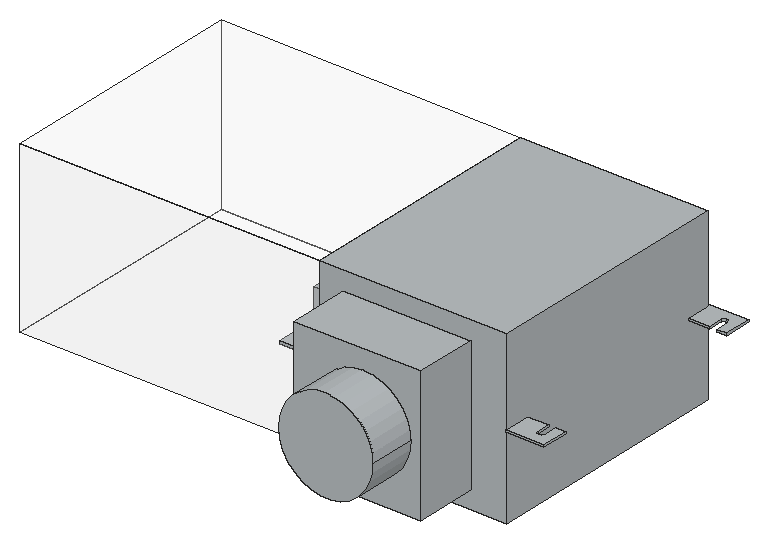
Revit family "bfs-40_210ssua2_stua2_60Hz", category 機械設備, Revit 2019
Family settings
  丸型コネクタ寸法 = 直径を使用
  パーツ タイプ = 割り込み
  OmniClass 番号 = 23.75.35.17.27
  OmniClass タイトル = Centrifugal Fans
  作業面ベース = いいえ
  常に垂直 = はい
  ロード時にボイドで切り取り = いいえ
  共有 = いいえ
  部屋計算ポイント = はい
Parameters (values of type "BFS-40SSUA2")
  騒音レベル(dB(A))_吸込 = 42
  騒音レベル(dB(A))_吐出 = 39
  騒音レベル(dB(A))_側面 = 20.5
  騒音レベル(dB(A)) = 42
  風量 [instance] = 設計風量  # 0.0 m³/h
  電源種別 [instance] = "一般"
  電圧 = 100 V
  電動機出力 = 35 W
  電動機_種別 [instance] = ""
  運転質量 = 0.00 kg
  連動 [instance] = ""
  質量 = if(製品質量 > 運転質量, 製品質量, 運転質量) * 1.2  # 12.60 kg
  負荷分類 = 3_ファン類
  説明 = "ストレートシロッコファン給気タイプ消音形"
  設計風量 [instance] = 0.0 m³/h
  設置方法 = "天吊"
  記号 [instance] = ""
  製造元 = "三菱電機株式会社"
  製品質量 = 10.50 kg
  製品出荷対象 = "国内"
  製品リリース年月 = "2022年6月1日"
  製品グループ = ""
  系統 [instance] = ""
  符号 [instance] = if(☑給気／□排気, "FS", "FE")  # "FS"
  積算_科目 = "2 換気設備"
  積算_拾い区分 [instance] = ""
  相 = 1
  盤記号 [instance] = ""
  盤工事区分 = "電気工事"
  発停方法 [instance] = "別売スイッチ"
  番手 = "#1 1/4"
  特殊仕様 [instance] = ""
  火災停止 = ""
  消費電力 = 85 W
  法定耐用年数 = "15"
  機外静圧 [instance] = 0.0 Pa
  極数 = 2
  極 = 4
  材質 [instance] = ""
  本体マテリアル = 溶融亜鉛めっき鋼板
  操作・制御方式 = ""
  操作・制御スイッチ = ""
  排気量 [instance] = if(☑給気／□排気, 0.0 m³/h, 設計風量)  # 0.0 m³/h
  形式 = ""
  形名 = BFS-SSUA : BFS-40SSUA
  幹線記号 [instance] = ""
  対象室 [instance] = ""
  実風量 = 0.0 m³/h
  始動方式 [instance] = "直入"
  外気量 [instance] = if(☑給気／□排気, 設計風量, 0.0 m³/h)  # 0.0 m³/h
  呼称 = "消音ボックス付送風機"
  周波数 = 60 Hz
  天吊金具ピッチ幅 = 358 mm
  天吊金具ピッチ奥行 = 343 mm
  参照している仕様書等のバージョン = "公共建築工事標準仕様書（機械設備工事編）平成31年度版"
  分類コード = "50052502100020"
  分類グループ = ""
  価格 = 120000
  企業コード = "108420"
  付属品_防振装置 = ""
  付属品 [instance] = ""
  仕様書バージョン = "Version1.0"
  モデル = "BFS-40SSUA2"
  ファンの種類 = "多翼形"
  ダクト径 = 150 mm
  サービススペース = yes
  コメント [instance] = ""
  Keynote = ""
  ☑給気／□排気 [instance] = yes
  Width = 282 mm
  Version = ""
  Uniclass2015Version = "Systems v1.9"
  Uniclass2015Title = "Centrifugal fans"
  Uniclass2015Code = "Pr_65_67_29_12"
  URL = "https://www.mitsubishielectric.co.jp/ldg/wink/ssl/displayProduct.do?pid=319104"
  SpecificationReference = ""
  SpecificationDescription = ""
  Revision = ""
  ProductInformation = ""
  OmniClassCode = "23-33 31 19 13 15"
  MIN風量 = 204.0 m³/h
  MIN静圧 = 41.0 Pa
  MID風量 = 0.0 m³/h
  MID静圧 = 0.0 Pa
  MAX風量 = 400.0 m³/h
  MAX静圧 = 97.0 Pa
  M = 70 mm
  IfcTypeProduct = ""
  IfcProduct = ""
  IfcExportType = "CENTRIFUGALFORWARDCURVED"
  IfcExportAs = "IfcFanType"
  Height = 255 mm
  Depth = 378 mm
  Clearance Top = 0 mm  # constant formula
  Clearance Right = 0 mm  # constant formula
  Clearance Left = 450 mm  # constant formula
  Clearance Front = 0 mm  # constant formula
  Clearance Bottom = 0 mm  # constant formula
  Clearance Back = 0 mm  # constant formula
  Author = "三菱電機株式会社"
Types (7, lengths in mm): name | 騒音レベル(dB(A))_吸込 | 騒音レベル(dB(A))_吐出 | 騒音レベル(dB(A))_側面 | 騒音レベル(dB(A)) | 電圧 | 電動機出力 | 質量 | 製品質量 | 符号 | 相 | 番手 | 消費電力 | 極数 | 形名 | 天吊金具ピッチ幅 | 天吊金具ピッチ奥行 | 価格 | モデル | ダクト径 | ☑給気／□排気 | Width | URL | MIN風量 | MIN静圧 | MAX風量 | MAX静圧 | M | Height | Depth
  BFS-40SSUA2 | 42 | 39 | 20.5 | 42 | 100 V | 35 W | 12.60 kg | 10.50 kg | "FS" | 1 | "#1 1/4" | 85 W | 2 | BFS-SSUA : BFS-40SSUA | 358 | 343 | 120000 | "BFS-40SSUA2" | 150 | yes | 282 | "https://www.mitsubishielectric.co.jp/ldg/wink/ssl/displayProduct.do?pid=319104" | 204.0 m³/h | 41.0 Pa | 400.0 m³/h | 97.0 Pa | 70 | 255 | 378
  BFS-50SSUA2 | 45.5 | 41 | 23.5 | 45.5 | 100 V | 45 W | 15.00 kg | 12.50 kg | "FE" | 1 | "#1 1/4" | 100 W | 2 | BFS-SSUA : BFS-50SSUA | 401 | 388 | 169000 | "BFS-50SSUA2" | 200 | no | 325 | "https://www.mitsubishielectric.co.jp/ldg/wink/ssl/displayProduct.do?pid=319111" | 395.0 m³/h | 120.0 Pa | 500.0 m³/h | 190.0 Pa | 85 | 255 | 423
  BFS-80SSUA2 | 51 | 44.5 | 28 | 51 | 100 V | 110 W | 19.20 kg | 16.00 kg | "FE" | 1 | "#1 1/4" | 210 W | 2 | BFS-SSUA : BFS-80SSUA | 449 | 428 | 189000 | "BFS-80SSUA2" | 200 | no | 373 | "https://www.mitsubishielectric.co.jp/ldg/wink/ssl/displayProduct.do?pid=318461" | 650.0 m³/h | 109.0 Pa | 800.0 m³/h | 165.0 Pa | 85 | 305 | 463
  BFS-100SSUA2 | 53 | 51 | 32 | 53 | 100 V | 200 W | 21.60 kg | 18.00 kg | "FE" | 1 | "#1 1/2" | 280 W | 2 | BFS-SSUA : BFS-100SSUA | 469 | 453 | 211000 | "BFS-100SSUA2" | 200 | no | 393 | "https://www.mitsubishielectric.co.jp/ldg/wink/ssl/displayProduct.do?pid=318847" | 880.0 m³/h | 215.0 Pa | 1000.0 m³/h | 260.0 Pa | 85 | 305 | 488
  BFS-150SSUA2 | 60.5 | 56 | 35 | 60.5 | 100 V | 300 W | 28.20 kg | 23.50 kg | "FE" | 1 | "#1 1/2" | 515 W | 2 | BFS-SSUA : BFS-150SSUA | 467 | 555 | 243000 | "BFS-150SSUA2" | 250 | no | 391 | "https://www.mitsubishielectric.co.jp/ldg/wink/ssl/displayProduct.do?pid=318960" | 1275.0 m³/h | 230.0 Pa | 1500.0 m³/h | 320.0 Pa | 85 | 350 | 590
  BFS-150STUA2 | 57.5 | 56 | 35 | 57.5 | 200 V | 350 W | 28.20 kg | 23.50 kg | "FE" | 3 | "#1 1/2" | 440 W | 3 | BFS-STUA : BFS-150STUA | 467 | 555 | 243000 | "BFS-150STUA2" | 250 | no | 391 | "https://www.mitsubishielectric.co.jp/ldg/wink/ssl/displayProduct.do?pid=318961" | 1110.0 m³/h | 175.0 Pa | 1500.0 m³/h | 320.0 Pa | 85 | 350 | 590
  BFS-210STUA2 | 64.5 | 59.5 | 38 | 64.5 | 200 V | 490 W | 31.80 kg | 26.50 kg | "FE" | 3 | "#1 1/2" | 700 W | 3 | BFS-STUA : BFS-210STUA | 552 | 610 | 373000 | "BFS-210STUA2" | 300 | no | 476 | "https://www.mitsubishielectric.co.jp/ldg/wink/ssl/displayProduct.do?pid=319035" | 0.0 m³/h | 0.0 Pa | 2100.0 m³/h | 325.0 Pa | 100 | 350 | 645
Reference planes
  plane 1 "中心(正面/背面)": y = 0
  plane 2: z = 0
  plane 3 "中心(左/右)": x = 0
  plane 4 "左": x = -141
  plane 5 "右": x = 141
  plane 6 "背面": y = 189
  plane 7 "正面": y = -189
  plane 8: z = 127.5
  plane 9: y = 171.5
  plane 10: y = -171.5
  plane 11: x = 179
  plane 12: x = -179
  plane 13: z = -127.5
  plane 14: y = 189
  plane 15: y = -189
  plane 16: x = 141
  plane 17: x = -591
  plane 18: z = 127.5
  plane 19: z = -127.5
Lines and regions (mm)
  Masking region 1, detail levels coarse+medium
    outline origin (-333.416, -613.734, 0) x (1, 0, 0) y (0, 1, 0)
      loop
        line (192.416, 424.734) -> (474.416, 424.734) -> (474.416, 802.734) -> (192.416, 802.734) -> (192.416, 424.734)
  symbolic lines, detail levels coarse+medium
    curve 1: line (-141, 189, 0) -> (141, 0, 0)
    curve 2: line (141, 0, 0) -> (-141, -189, 0)
Dimensions and locks
  "Width": plane 4 "左" to plane 5 "右"
  equal spacing: plane 7 "正面", plane 1 "中心(正面/背面)", plane 6 "背面"
  "Depth": plane 7 "正面" to plane 6 "背面"
  equal spacing: plane 8, level, plane 13
  "Height": plane 8 to plane 13
  "天吊金具ピッチ幅": plane 12 to plane 11
  equal spacing: plane 10, plane 1 "中心(正面/背面)", plane 9
  "天吊金具ピッチ奥行": plane 10 to plane 9
  "Clearance Back": plane 6 "背面" to plane 14
  "Clearance Front": plane 15 to plane 7 "正面"
  "Clearance Left": plane 17 to plane 4 "左"
  "Clearance Right": plane 5 "右" to plane 16
  "Clearance Top": plane 18 to plane 8
  "Clearance Bottom": plane 13 to plane 19
  equal spacing: plane 12, plane 3 "中心(左/右)", plane 11
  equal spacing: plane 4 "左", plane 3 "中心(左/右)", plane 5 "右"
  aligned and locked: level to plane 2
  aligned and locked: nested 2 to plane 9
  aligned and locked: plane 10 to nested 2
  aligned and locked: plane 12 to nested 2
  aligned and locked: plane 11 to nested 2
  aligned and locked: plane 8 to nested 1
  aligned and locked: nested 1 to plane 13
  aligned and locked: plane 17 to nested 3
  aligned and locked: plane 15 to nested 3
  aligned and locked: plane 18 to nested 3
  aligned and locked: plane 19 to nested 3
  aligned and locked: plane 14 to nested 3
  aligned and locked: plane 4 "左" to nested 3
  aligned and locked: plane 1 "中心(正面/背面)" to nested 1
  aligned and locked: nested 1 to plane 3 "中心(左/右)"
  aligned and locked: plane 5 "右" to Masking region 1
  aligned and locked: Masking region 1 to plane 4 "左"
  aligned and locked: Masking region 1 to plane 6 "背面"
  aligned and locked: plane 7 "正面" to Masking region 1
Automatic sketch dimensions
  Masking region 1 sketch curve to plane 9 = 17.5 mm
  plane 12 to Masking region 1 sketch curve = 38 mm
  plane 3 "中心(左/右)" to Masking region 1 sketch curve = 141 mm
  plane 7 "正面" to Masking region 1 sketch curve = 0 mm
  curve 2 to plane 4 "左" = 0 mm
  curve 1 to plane 4 "左" = 0 mm
  plane 1 "中心(正面/背面)" to curve 1 = 0 mm
  curve 1 to plane 5 "右" = 0 mm
  plane 7 "正面" to curve 2 = 0 mm
  plane 6 "背面" to curve 1 = 0 mm
Nested families
  nested 1: "BFS-SSUA" at (0, 0, -127.5) x (0, -1, 0) z (0, 0, 1), type <- "形名", type "BFS-40SSUA"
  nested 2: "固定点" at (-179, -171.5, 0), type "固定点"
    with W 358 mm, D 343 mm
  nested 3: "サービススペース" at (-366, 0, 0), visible <- "サービススペース", type "サービススペース"
    with Width 450 mm, Height 255 mm, Depth 378 mm
Connectors
  hvac at (0, -353, 0), driven by "ダクト径", driven by "機外静圧", driven by "風量"
    settings: on nested 1, index 2, duct flow 0.0 m³/h, flow factor 0, pres drop 0.0 Pa, loss coef 0, conn angle 0.00°, conn width 304.8 mm, conn height 304.8 mm, conn diameter 150 mm, duct sys type 29, conn prof type 0, flow config 0, flow direction 2, loss method 4, conn ref index -1, conn util no, is conn primary yes, conn desc "Out"
  hvac at (0, 259, 0), driven by "ダクト径", driven by "機外静圧", driven by "風量"
    settings: on nested 1, index 3, duct flow 0.0 m³/h, flow factor 0, pres drop 0.0 Pa, loss coef 0, conn angle 0.00°, conn width 304.8 mm, conn height 304.8 mm, conn diameter 150 mm, duct sys type 29, conn prof type 0, flow config 0, flow direction 1, loss method 4, conn ref index -1, conn util no, is conn primary no, conn desc "In"
  electrical at (-204, -76, -29.5), driven by "極数", driven by "負荷分類", driven by "電圧", driven by "消費電力"
    settings: on nested 1, index 4, voltage 100 V, apparent load 85 VA, apparent load phase1 0 VA, apparent load phase2 0 VA, apparent load phase3 0 VA, power factor 1, load classification "3_ファン類", number of poles 2, system type 30, power factor state 1, is connector primary yes, connector utility no, sub classification motor no, connector description ""
Definition of nested family "BFS-SSUA"
  Parameters (values of type "BFS-40SSUA")
    端子カバー高 = 140 mm  # constant formula
    端子カバー手前位置 = 68 mm
    端子カバー幅 = 63 mm
    端子カバー奥行 = 90 mm  # constant formula
    端子カバー上位置 = 87 mm
    吊りボルトW = 343 mm
    吊りボルトD = 358 mm
    マテリアル = none
    ダクトW = 191 mm
    ダクトH = 201 mm
    カバーD = 63 mm
    φ = 142 mm
    Φ = 160 mm
    kb_z = 25 mm
    h1 = 28 mm
    b = 281 mm
    a = 70 mm
    W2 = 41 mm
    A = 472 mm
    W = 378 mm
    H = 255 mm
    c = 51 mm
    d1 = 55 mm
    D1 = 398 mm
    D = 282 mm
  Types (5, lengths in mm): name | 端子カバー手前位置 | 端子カバー幅 | 端子カバー上位置 | 吊りボルトW | 吊りボルトD | ダクトW | ダクトH | カバーD | φ | Φ | kb_z | h1 | b | a | A | W | H | c | d1 | D1 | D
    BFS-40SSUA | 68 | 63 | 87 | 343 | 358 | 191 | 201 | 63 | 142 | 160 | 25 | 28 | 281 | 70 | 472 | 378 | 255 | 51 | 55 | 398 | 282
    BFS-50SSUA | 68 | 63 | 87 | 388 | 401 | 218 | 252 | 63 | 192 | 208 | 25 | 3.5 | 264 | 85 | 528 | 423 | 255 | 51 | 54 | 441 | 325
    BFS-80SSUA | 69 | 63 | 117 | 428 | 449 | 299 | 273 | 63 | 192 | 208 | 25 | 31 | 331 | 85 | 604 | 463 | 305 | 52 | 37 | 489 | 373
    BFS-100SSUA | 69 | 63 | 117 | 453 | 469 | 272 | 256 | 63 | 192 | 208 | 25 | 25 | 331 | 85 | 609 | 488 | 305 | 52 | 61 | 509 | 393
    BFS-150SSUA | 87 | 71 | 25 | 555 | 467 | 299 | 314 | 71 | 242 | 258 | 150 | 30 | 391 | 85 | 741 | 590 | 350 | 70 | 39 | 507 | 391
  Reference planes
    plane 1 "中心(正面/背面)": y = 0
    plane 2: z = 0
    plane 3 "中心(左/右)": x = 0
    plane 4: y = 141
    plane 5: y = 179
    plane 6: y = 199
    plane 7: y = -141
    plane 8: y = -179
    plane 9: y = -199
    plane 10: x = -189
    plane 11: x = -171.5
    plane 12: x = -192
    plane 13: x = 189
    plane 14: x = 171.5
    plane 15: x = 192
    plane 16: z = 255
    plane 17: z = 600
    plane 18: z = 900
    plane 19: z = 1200
    plane 20: x = -160
    plane 21: x = 121
    plane 22: x = 353
    plane 23: x = -259
    plane 24: z = 127.5
    plane 25: z = 124.5
    plane 26: z = 86.5
    plane 27: x = -151
    plane 28: z = 109.5
    plane 29: x = 151
    plane 30: y = 144
    plane 31: x = 31
    plane 32: z = 168
    plane 33: z = 28
    plane 34: y = -204
    plane 35: x = 283
    plane 36: y = 86
    plane 37: y = -105
    plane 38: z = 227
    plane 39: z = 50
    plane 40: z = 26
  Forms (mm)
    Extrusion 1, solid, material <- "マテリアル", detail levels fine
      sketch origin (0, 0, 0) x (1, 0, 0) y (0, 1, 0)
        loop
          line (-189, 141) -> (-189, -141) -> (189, -141) -> (189, 141) -> (-189, 141)
      from 0 to 255
    Extrusion 2, solid, material <- "マテリアル", detail levels fine
      sketch origin (0, 0, 0) x (1, 0, 0) y (0, 1, 0)
        loop
          line (-192, -141) -> (-192, -199) -> (-151, -199) -> (-151, -184.5) -> (-171.5, -184.5)
          arc (-171.5, -184.5) -> (-177, -179) -> (-171.5, -173.5) r 5.5
          line (-171.5, -173.5) -> (-151, -173.5) -> (-151, -141) -> (-192, -141)
      from 124.5 to 127.5
    Extrusion 3, solid, material <- "マテリアル", detail levels fine
      sketch origin (0, 0, 0) x (1, 0, 0) y (0, 1, 0)
        loop
          line (-192, 141) -> (-151, 141) -> (-151, 173.5) -> (-171.5, 173.5)
          arc (-171.5, 173.5) -> (-177, 179) -> (-171.5, 184.5) r 5.5
          line (-171.5, 184.5) -> (-151, 184.5) -> (-151, 199) -> (-192, 199) -> (-192, 141)
      from 124.5 to 127.5
    Extrusion 4, solid, material <- "マテリアル", detail levels fine
      sketch origin (0, 0, 0) x (-1, 0, 0) y (0, -1, 0)
        loop
          line (-192, -141) -> (-192, -199) -> (-151, -199) -> (-151, -184.5) -> (-171.5, -184.5)
          arc (-171.5, -184.5) -> (-177, -179) -> (-171.5, -173.5) r 5.5
          line (-171.5, -173.5) -> (-151, -173.5) -> (-151, -141) -> (-192, -141)
      from 124.5 to 127.5
    Extrusion 5, solid, material <- "マテリアル", detail levels fine
      sketch origin (0, 0, 0) x (-1, 0, 0) y (0, -1, 0)
        loop
          line (-192, 141) -> (-151, 141) -> (-151, 173.5) -> (-171.5, 173.5)
          arc (-171.5, 173.5) -> (-177, 179) -> (-171.5, 184.5) r 5.5
          line (-171.5, 184.5) -> (-151, 184.5) -> (-151, 199) -> (-192, 199) -> (-192, 141)
      from 124.5 to 127.5
    Extrusion 6, solid, material <- "マテリアル", detail levels fine
      sketch origin (0, 0, 0) x (0, 1, 0) y (0, 0, 1)
        loop
          circle (0, 127.5) r 71
      from -189 to -259
    Extrusion 7, solid, material <- "マテリアル", detail levels fine
      sketch origin (0, 0, 0) x (0, 1, 0) y (0, 0, -1)
        loop
          circle (0, -127.5) r 71
      from -283 to -353
    Extrusion 8, solid, material <- "マテリアル", detail levels fine
      sketch origin (0, 0, 0) x (1, 0, 0) y (0, 0, 1)
        loop
          line (121, 168) -> (31, 168) -> (31, 28) -> (121, 28) -> (121, 168)
      from 141 to 204
    Extrusion 9, solid, material <- "マテリアル", detail levels fine
      sketch origin (0, 0, 0) x (0, 1, 0) y (0, 0, 1)
        loop
          line (-105, 227) -> (-105, 26) -> (86, 26) -> (86, 227) -> (-105, 227)
      from 189 to 283
  Dimensions and locks
    "吊りボルトW": plane 11 to plane 14
    "W": plane 10 to plane 13
    "D1": plane 9 to plane 6
    "吊りボルトD": plane 8 to plane 5
    "D": plane 7 to plane 4
    equal spacing: plane 7, plane 1 "中心(正面/背面)", plane 4
    equal spacing: plane 10, plane 3 "中心(左/右)", plane 13
    "H": plane 16 to level
    locked: plane 13 to plane 15 at 3
    locked: plane 12 to plane 10 at 3
    equal spacing: plane 16, plane 24, level
    locked: plane 24 to plane 25 at 3
    locked: plane 24 to plane 26 at 41
    "W2": plane 12 to plane 27
    locked: plane 25 to plane 28 at 15
    "W2": plane 29 to plane 15
    locked: plane 30 to plane 4 at 3
    "a": plane 23 to plane 10
    "端子カバー手前位置": plane 13 to plane 21
    "b": plane 21 to plane 20
    "端子カバー奥行": plane 21 to plane 31
    "端子カバー高": plane 32 to plane 33
    "端子カバー幅": plane 34 to plane 7
    equal spacing: plane 11, plane 3 "中心(左/右)", plane 14
    equal spacing: plane 9, plane 1 "中心(正面/背面)", plane 6
    equal spacing: plane 8, plane 1 "中心(正面/背面)", plane 5
    "a": plane 35 to plane 22
    "A": plane 10 to plane 35
    "ダクトW": plane 37 to plane 36
    "d1": plane 36 to plane 4
    "ダクトH": plane 38 to plane 40
    "h1": plane 16 to plane 38
    "端子カバー上位置": plane 16 to plane 32
    "φ": diameter of Extrusion 6 sketch curve
    "φ": diameter of Extrusion 7 sketch curve
    aligned and locked: level to plane 2
    aligned and locked: plane 4 to Extrusion 1 sketch curve
    aligned and locked: plane 10 to Extrusion 1 sketch curve
    aligned and locked: Extrusion 1 sketch curve to plane 7
    aligned and locked: Extrusion 1 sketch curve to plane 13
    aligned and locked: plane 16 to Extrusion 1
    aligned and locked: plane 7 to Extrusion 2 sketch curve
    aligned and locked: plane 12 to Extrusion 2 sketch curve
    aligned and locked: Extrusion 2 sketch curve to plane 9
    aligned and locked: Extrusion 2 sketch curve to plane 27  (x2)
    aligned and locked: plane 11 to Extrusion 2 sketch curve
    aligned and locked: plane 8 to Extrusion 2 sketch curve
    aligned and locked: plane 24 to Extrusion 2
    aligned and locked: Extrusion 2 to plane 25
    aligned and locked: plane 27 to Extrusion 3 sketch curve  (x2)
    aligned and locked: plane 5 to Extrusion 3 sketch curve
    aligned and locked: plane 11 to Extrusion 3 sketch curve
    aligned and locked: Extrusion 3 sketch curve to plane 6
    aligned and locked: Extrusion 3 sketch curve to plane 12
    aligned and locked: plane 4 to Extrusion 3 sketch curve
    aligned and locked: plane 24 to Extrusion 3
    aligned and locked: Extrusion 3 to plane 25
    aligned and locked: Extrusion 4 to plane 6
    aligned and locked: plane 15 to Extrusion 4
    aligned and locked: Extrusion 4 to plane 29
    aligned and locked: plane 29 to Extrusion 4 sketch curve  (x2)
    aligned and locked: plane 6 to Extrusion 4 sketch curve
    aligned and locked: Extrusion 4 sketch curve to plane 15
    aligned and locked: plane 5 to Extrusion 4 sketch curve
    aligned and locked: plane 14 to Extrusion 4 sketch curve
    aligned and locked: Extrusion 4 sketch curve to plane 4
    aligned and locked: Extrusion 4 to plane 25
    aligned and locked: plane 24 to Extrusion 4
    aligned and locked: plane 9 to Extrusion 5 sketch curve
    aligned and locked: plane 15 to Extrusion 5 sketch curve
    aligned and locked: Extrusion 5 sketch curve to plane 7
    aligned and locked: Extrusion 5 sketch curve to plane 29  (x2)
    aligned and locked: plane 14 to Extrusion 5 sketch curve
    aligned and locked: plane 8 to Extrusion 5 sketch curve
    aligned and locked: Extrusion 5 to plane 25
    aligned and locked: plane 24 to Extrusion 5
    aligned and locked: plane 1 "中心(正面/背面)" to Extrusion 6 sketch curve
    aligned and locked: plane 24 to Extrusion 6 sketch curve
    aligned and locked: Extrusion 6 to plane 23
    aligned and locked: plane 24 to Extrusion 7 sketch curve
    aligned and locked: plane 1 "中心(正面/背面)" to Extrusion 7 sketch curve
    aligned and locked: plane 22 to Extrusion 7
    aligned and locked: plane 32 to Extrusion 8 sketch curve
    aligned and locked: plane 21 to Extrusion 8 sketch curve
    aligned and locked: Extrusion 8 sketch curve to plane 33
    aligned and locked: Extrusion 8 sketch curve to plane 31
    aligned and locked: Extrusion 8 to plane 7
    aligned and locked: Extrusion 9 sketch curve to plane 38
    aligned and locked: Extrusion 9 sketch curve to plane 37
    aligned and locked: plane 36 to Extrusion 9 sketch curve
    aligned and locked: plane 40 to Extrusion 9 sketch curve
    aligned and locked: plane 35 to Extrusion 9
    aligned and locked: Extrusion 9 to plane 13
    aligned and locked: plane 34 to Extrusion 8
    aligned and locked: plane 10 to Extrusion 6
    aligned and locked: Extrusion 7 to plane 35
  Automatic sketch dimensions
    Extrusion 2 sketch curve to plane 11 = 0 mm
    plane 8 to Extrusion 2 sketch curve = 5.5 mm
    Extrusion 3 sketch curve to plane 11 = 0 mm
    plane 5 to Extrusion 3 sketch curve = 5.5 mm
    Extrusion 4 sketch curve to plane 14 = 0 mm
    Extrusion 4 sketch curve to plane 5 = 5.5 mm
    Extrusion 5 sketch curve to plane 14 = 0 mm
    Extrusion 5 sketch curve to plane 8 = 5.5 mm
Definition of nested family "サービススペース"
  Parameters (values of type "サービススペース")
    Width [instance] = 500 mm
    Height [instance] = 500 mm
    Depth [instance] = 500 mm
  Reference planes
    plane 1 "中心(正面/背面)": y = 0
    plane 2: z = 0
    plane 3 "中心(左/右)": x = 0
    plane 4: y = -250
    plane 5: x = 250
    plane 6: y = 250
    plane 7: x = -250
    plane 8: z = 250
    plane 9: z = -250
  Forms (mm)
    Extrusion 1, solid
      sketch origin (-638.939, 0, 72.39) x (1, 0, 0) y (0, 1, 0)
        loop
          line (388.939, 250) -> (388.939, -250) -> (888.939, -250) -> (888.939, 250) -> (388.939, 250)
      from -322.39 to 177.61
  Lines and regions (mm)
    symbolic lines
      curve 1: line (-250, 0, 250) -> (250, 0, 250)
      curve 2: line (-250, 0, -250) -> (-250, 0, 250)
      curve 3: line (250, 0, -250) -> (-250, 0, -250)
      curve 4: line (250, 0, 250) -> (250, 0, -250)
      curve 5: line (0, -250, 250) -> (0, 250, 250)
      curve 6: line (0, -250, -250) -> (0, -250, 250)
      curve 7: line (0, 250, -250) -> (0, -250, -250)
      curve 8: line (0, 250, 250) -> (0, 250, -250)
      curve 9: line (-250, 250, 0) -> (250, 250, 0)
      curve 10: line (-250, -250, 0) -> (-250, 250, 0)
      curve 11: line (250, -250, 0) -> (-250, -250, 0)
      curve 12: line (250, 250, 0) -> (250, -250, 0)
  Dimensions and locks
    equal spacing: plane 7, plane 3 "中心(左/右)", plane 5
    equal spacing: plane 4, plane 1 "中心(正面/背面)", plane 6
    "Depth": plane 4 to plane 6
    "Width": plane 7 to plane 5
    equal spacing: plane 8, plane 2, plane 9
    "Height": plane 8 to plane 9
    aligned and locked: plane 9 to curve 3
    aligned and locked: plane 7 to curve 2
    aligned and locked: curve 4 to plane 5
    aligned and locked: plane 5 to Extrusion 1
    aligned and locked: Extrusion 1 to plane 7
    aligned and locked: Extrusion 1 to plane 9
    aligned and locked: plane 8 to Extrusion 1
    aligned and locked: plane 9 to curve 7
  Automatic sketch dimensions
    plane 4 to Extrusion 1 sketch curve = 0 mm
    Extrusion 1 sketch curve to plane 7 = 0 mm
    Extrusion 1 sketch curve to plane 5 = 0 mm
    plane 6 to Extrusion 1 sketch curve = 0 mm
    curve 2 to plane 8 = 0 mm
    plane 4 to curve 11 = 0 mm
    curve 11 to plane 7 = 0 mm
    curve 11 to plane 5 = 0 mm
    plane 6 to curve 10 = 0 mm
    curve 7 to plane 4 = 0 mm
    curve 7 to plane 6 = 0 mm
    curve 6 to plane 8 = 0 mm
Definition of nested family "固定点"
  Parameters (values of type "固定点")
    中心円 = 11 mm
    W [instance] = 1000 mm
    D [instance] = 1000 mm
  Reference planes
    plane 1 "中心(正面/背面)": y = 0
    plane 2: z = 0
    plane 3 "中心(左/右)": x = 0
    plane 4: x = 1000
    plane 5: y = 1000
  Lines and regions (mm)
    symbolic lines, detail levels fine
      curve 1: circle (0, 1000, 0) r 5.5 normal (0, 0, 1)
      curve 2: circle (0, 0, 0) r 5.5 normal (0, 0, 1)
      curve 3: circle (1000, 1000, 0) r 5.5 normal (0, 0, 1)
      curve 4: circle (1000, 0, 0) r 5.5 normal (0, 0, 1)
      curve 5: line (-200, 1000, 0) -> (1200, 1000, 0)
      curve 6: line (-200, 0, 0) -> (1200, 0, 0)
      curve 7: line (0, 1200, 0) -> (0, -200, 0)
      curve 8: line (1000, 1200, 0) -> (1000, -200, 0)
  Dimensions and locks
    "W": plane 3 "中心(左/右)" to plane 4
    "D": plane 1 "中心(正面/背面)" to plane 5
    "中心円": diameter of curve 1
    "中心円": diameter of curve 2
    "中心円": diameter of curve 3
    "中心円": diameter of curve 4
    aligned and locked: level to plane 2
    aligned and locked: plane 5 to curve 1
    aligned and locked: plane 3 "中心(左/右)" to curve 1
    aligned and locked: plane 3 "中心(左/右)" to curve 2
    aligned and locked: plane 1 "中心(正面/背面)" to curve 2
    aligned and locked: plane 4 to curve 3
    aligned and locked: plane 5 to curve 3
    aligned and locked: plane 1 "中心(正面/背面)" to curve 4
    aligned and locked: plane 4 to curve 4
    aligned and locked: plane 1 "中心(正面/背面)" to curve 6
    aligned and locked: curve 7 to plane 3 "中心(左/右)"
    aligned and locked: curve 8 to plane 4
  Automatic sketch dimensions
    curve 5 to plane 5 = 0 mm
    curve 6 to plane 3 "中心(左/右)" = 200 mm
    curve 5 to plane 3 "中心(左/右)" = 200 mm
    curve 4 to curve 6 = 200 mm
    curve 3 to curve 5 = 200 mm
    plane 1 "中心(正面/背面)" to curve 8 = 200 mm
    plane 1 "中心(正面/背面)" to curve 7 = 200 mm
    curve 3 to curve 8 = 200 mm
    curve 1 to curve 7 = 200 mm
